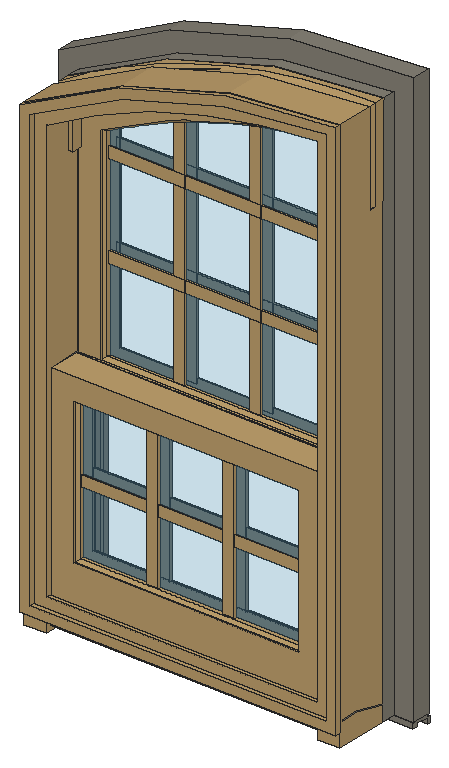
Revit family "Window-Single_Hung-Marvin-Next_Generation_Round_Top_RT22-Clad_Ultimate new new", category Windows, host Wall, Revit 2013
Parameters (values of type "Not A Type - Load Type Catalog")
  Warranty = "www.marvin.com/support/warranty?menu=marvin"
  Wall Width [instance] = 0' - 6"
  URL = "www.marvin.com/"
  Subsill Void Width [instance] = if(Subsill C, Inset + 0' 1 3/16", 0' 0 1/32")  # 0' - 1 3/16"
  Subsill Void Height [instance] = if(Subsill C, 0' 0 73/128", 0' 0 1/32")  # 0' - 0 73/128"
  Subsill C [instance] = if(and(Casing Visibility, Subsill), 1 = 1, if(and(Casing Visibility, not(Subsill)), 1 = 0, 1 = 0))  # yes
  Subsill = yes
  Rough Width = Width + 0' 1"  # 1' - 10 1/4"
  Rough Height = Height + 0' 0 1/2"  # 3' - 2 7/64"
  Radius = 3' - 4"
  RO Radius Constraint = if(Radius > (Rough Width) + 0' 1", Radius, (Rough Width) + 0' 1")  # 3' - 4"
  RO Radius = RO Radius Constraint - 0' 0 1/2"  # 3' - 3 1/2"
  Product Page URL = "www.marvin.com/marvin/windows/single-hung"
  Product Name = "Single Hung RT22"  # constant formula
  Product Documentation Link = "www.marvin.com/download?Pub_ID=3148"
  Operation Symbol = yes
  Operation = "Single Hung"  # constant formula
  Nailer C2 [instance] = if(and(Nailer, Casing Visibility, Flat Casing), 1 = 0, if(not(Nailer), 1 = 0, if(Subsill C, 1 = 0, 1 = 1)))  # no
  Nailer C [instance] = if(and(Nailer, Casing Visibility, Flat Casing), 1 = 0, if(not(Nailer), 1 = 0, 1 = 1))  # yes
  Nailer = yes
  Muntin Width = Width - 0' 5 57/64"  # 1' - 3 23/64"
  Muntin Visibility = yes
  Muntin Height Top = Height / 2 + 0' 0 21/128"  # 1' - 6 31/32"
  Muntin Height Bottom = Height / 2 - 0' 9 23/64"  # 0' - 9 57/128"
  Model = "Please Load Type Catalog"
  Material = ""
  Manufacturer Phone Number = "(800)472-8895"  # constant formula
  Manufacturer Email = "MDS@marvin.com"  # constant formula
  Manufacturer Address = "401 State Avenue North, Warroad, Minnesota 56763"  # constant formula
  Manufacturer = "Marvin Windows and Doors"  # constant formula
  Lites Wide Upper = 3
  Lites Wide Lower = 3
  Lites High Upper = 3
  Lites High Lower = 2
  Label Visibility [instance] = no
  Jamb Extension [instance] = yes
  Int Finish = Wood-Marvin-Pine
  Installation URL = "www.marvin.com/marvin/windows/single-hung?view=pro-resources&option=installation-instructions"
  Inset [instance] = 0' - 0"
  Height = 3' - 1 39/64"
  Glazing Radius = Radius - 0' 2 89/256"  # 3' - 1 167/256"
  Glazing Material = Glass-Marvin-IG Low E II with Argon
  Glass Type = "IG Low E II with ARgon"  # constant formula
  Frame Type = "Aluminum Clad"  # constant formula
  Flat Casing [instance] = no
  Ext Finish = Aluminum-Marvin-Bronze
  Egress Note = if(and(or(Height > 0' 10 5/8", Height = 0' 10 5/8"), or(Width > 1' 5 21/32", Width = 1' 5 21/32")), "Yes", "No")  # "Yes"
  Design Pressure = "DP50"  # constant formula
  Description = if(Subsill, "Single Hung RT22 Marvin Next Generation Round Top Window Subsill Included", "Single Hung RT22 Marvin Next Generation Round Top Window Subsill Not Included")  # "Single Hung RT22 Marvin Next Generation Round Top Window Subsill Included"
  Default Sill Height = 3' - 0"
  Wall Closure = By host
  Width = 1' - 9 1/4"
  DLO Width = 4' - 4 47/64"
  DLO Height = 3' - 2 3/4"
  D Length = sqrt((Radius ^ 2) - ((Width / 2) ^ 2))  # 3' - 2.56306"
  Casing Width [instance] = if(and(Casing Visibility, BMC), 0' 1 5/16", if(and(Casing Visibility, Flat Casing), 0' 3", 0' 0"))  # 0' - 1 5/16"
  Casing Visibility [instance] = yes
  Casing Radius [instance] = if(C Flat Casing Visibility, Radius + Casing Width, if(C BMC Visibility, Radius + Casing Width, Radius))  # 3' - 5 5/16"
  C Jamb Extension Visibility [instance] = if(C Jamb Extension = 0' 0 1/32", 1 = 0, Jamb Extension)  # yes
  C Jamb Extension [instance] = if(Wall Width - Inset - 0' 5 83/128" < 0' 0 1/32", 0' 0 1/32", Wall Width - Inset - 0' 5 83/128")  # 0' - 0 45/128"
  C Flat Casing Visibility [instance] = if(and(Casing Visibility, Flat Casing), 1 = 1, 1 = 0)  # no
  C BMC Visibility [instance] = if(and(Casing Visibility, BMC), 1 = 1, 1 = 0)  # yes
  BMC [instance] = not(Flat Casing)  # yes
  Arc Height = RO Radius Constraint - sqrt((RO Radius Constraint ^ 2) - (Rough Width ^ 2))  # 0' - 6.7594"
Reference planes (in)
  plane 1 "Center (Front/Back)": y = 0
  plane 2: z = 0
  plane 3 "Center (Left/Right)": x = 0
  plane 4 "Left": x = -10.625
  plane 5 "Right": x = 10.625
  plane 6 "Sill": z = 36
  plane 7 "Top": z = 73.60938
  plane 8 "Inset": y = 4.09942
  plane 9 "INT": y = -1.90058
  plane 10 "EXT": y = 4.09942
  plane 11 "Glazing Ext": y = 1.9594
  plane 12 "Glazing Int": y = -0.2646
  plane 13 "Jamb Ext": y = -1.5486
  plane 14: z = 51.125
  plane 15: z = 70.98138
  plane 16: z = 40.21198
  plane 17: z = 50.78146
  plane 18: z = 51.46854
  plane 19: x = -8.00003
  plane 20: x = 8.00003
  plane 21: x = -9.036
  plane 22: x = 9.036
  plane 23: z = 72.03037
  plane 24: z = 37.54439
  plane 25: z = 51.8815
  plane 26: z = 50.24251
  plane 27: y = 2.39937
  plane 28: y = 1.51942
  plane 29: y = 1.64442
  plane 30: y = 2.27437
  plane 31: y = 0.17521
  plane 32: y = -0.70441
  plane 33: y = -0.57941
  plane 34: y = 0.05021
  plane 35: z = 61.22496
  plane 36: z = 45.49672
  plane 37 "Casing": y = 3.00567
  plane 38: y = 4.16192
  plane 39: z = 67.34998
  plane 40: z = 36.90494
  plane 41: y = -2.0486
  plane 42: z = 55.59668
  plane 43: z = 74.10937
Forms (in)
  Extrusion 1, void
    sketch origin (0, 0, 0) x (1, 0, 0) y (0, 0, 1)
      loop
        line (10.625, 36) -> (10.625, 73.62157)
        arc (10.625, 73.62157) -> (-0.43067, 72.06337) -> (-10.625, 67.51018) r 40
        line (-10.625, 67.51018) -> (-10.625, 36) -> (10.625, 36)
    from -4.09942 to -1.9594
  Sweep 2, solid, material "Aluminum-Marvin-Bronze" <- "Ext Finish"
    path origin (0, 1.9594, 0) x (-1, 0, 0) y (0, 0, 1)
      loop
        line (-10.625, 36) -> (-10.625, 67.34998)
    profile "Jamb Clad Profile : Jamb Clad Profile" origin (10.625, 1.9594, 51.67499) x (1, 0, 0) y (0, 1, 0)
      loop
        line (0, 0.106) -> (0, 2.14002) -> (-0.58673, 2.14002) -> (-0.73855, 1.279) -> (-1.795, 1.279) -> (-1.795, 0.931) -> (-1.5, 0.931) -> (-1.5, 0.106) -> (-0.5275, 0.106) -> (-0.5275, -0.4025) -> (-1.4375, -0.4025) -> (-1.4375, -2.105) -> (-0.5275, -2.105) -> (-0.5275, -2.901) -> (-0.465, -2.901) -> (-0.465, 0.106) -> (0, 0.106)
  Sweep 3, solid, material "Aluminum-Marvin-Bronze" <- "Ext Finish"
    path origin (0, -0.2646, 0) x (-1, 0, 0) y (0, 0, 1)
      loop
        line (-10.625, 36) -> (10.625, 36)
    profile "Sill Profile Clad : Sill Profile Clad" origin (0, -0.2646, 36) x (0, 0, 1) y (0, 1, 0)
      loop
        line (1.62995, -1.01795) -> (1.62995, 0.17511) -> (0.80053, 3.50208) -> (0.72866, 3.50208) -> (0.57686, 4.36309) -> (-0.00002, 4.36309) -> (-0.00002, 2.91947) -> (0.82979, 3.12634) -> (1.56745, 0.16743) -> (1.56745, -1.01795) -> (1.62995, -1.01795)
  Sweep 4, solid, material "Aluminum-Marvin-Bronze" <- "Ext Finish"
    path origin (0, 1.9594, 0) x (-1, 0, 0) y (0, 0, 1)
      loop
        line (-10.625, 50.24251) -> (-10.625, 73.60938)
        arc (-10.625, 73.60938) -> (0.42975, 72.05704) -> (10.625, 67.51018) r 40
        line (10.625, 67.51018) -> (10.625, 50.24251)
    profile "Jamb Sash Clad Profile : Jamb Sash Clad Profile" origin (10.625, 1.9594, 61.92594) x (1, 0, 0) y (0, 1, 0)
      loop
        line (-1.589, 0.44) -> (-1.589, 0.821) -> (-3.057, 0.821) -> (-3.057, 0.70236) -> (-3.25619, 0.50317) -> (-3.25619, 0.44) -> (-1.589, 0.44)
  Sweep 5, solid, material "Aluminum-Marvin-Bronze" <- "Ext Finish"
    path origin (0, -0.2646, 0) x (-1, 0, 0) y (0, 0, 1)
      loop
        line (-10.625, 37.54439) -> (-10.625, 51.46854)
    profile "Jamb Sash Clad Profile : Jamb Sash Clad Profile" origin (10.625, -0.2646, 44.50646) x (1, 0, 0) y (0, 1, 0)
      loop
        line (-1.589, 0.44) -> (-1.589, 0.821) -> (-3.057, 0.821) -> (-3.057, 0.70236) -> (-3.25619, 0.50317) -> (-3.25619, 0.44) -> (-1.589, 0.44)
  Sweep 6, solid, material "Wood-Marvin-Pine" <- "Int Finish"
    path origin (0, 1.9594, 0) x (-1, 0, 0) y (0, 0, 1)
      loop
        line (-9.036, 51.125) -> (9.036, 51.125)
    profile "Checkrail Sash Wood Profile : Checkrail Sash Wood Profile" origin (0, 1.9594, 51.125) x (0, 0, 1) y (0, 1, 0)
      loop
        line (0.7565, -1.02201) -> (0.7565, -0.83002) -> (0.97551, -0.6366) -> (0.97551, -0.43999) -> (0.21851, -0.43999) -> (0.21851, 0.4405) -> (-0.83249, 0.4405) -> (-0.83249, -1.02201) -> (0.7565, -1.02201)
      loop
        line (-0.74255, -3.148) -> (0.7565, -3.148) -> (0.7565, -1.10852) -> (0.694, -1.10852) -> (0.694, -1.7843) -> (-0.20454, -1.7843) -> (-0.20454, -2.66392) -> (-0.96154, -2.66392) -> (-0.96154, -2.86055) -> (-0.74255, -3.05397) -> (-0.74255, -3.148)
  Sweep 7, solid, material "Aluminum-Marvin-Bronze" <- "Ext Finish"
    path origin (0, 1.9594, 0) x (-1, 0, 0) y (0, 0, 1)
      loop
        line (-9.036, 51.125) -> (9.036, 51.125)
    profile "Checkrail Sash Clad Profile : Checkrail Sash Clad Profile" origin (0, 1.9594, 51.125) x (0, 0, 1) y (0, 1, 0)
      loop
        line (0.97435, 0.50323) -> (0.77522, 0.70235) -> (0.77522, 0.821) -> (-0.88249, 0.821) -> (-0.88249, -1.309) -> (-0.49349, -1.309) -> (-0.49349, -1.259) -> (-0.83249, -1.259) -> (-0.83249, 0.4405) -> (0.97435, 0.4405) -> (0.97435, 0.50323)
      loop
        line (-0.96187, -1.72163) -> (-0.96187, -1.7843) -> (0.69367, -1.7843) -> (0.69367, -1.10998) -> (-0.62586, -1.10998) -> (-0.62586, -1.15997) -> (-0.34683, -1.15997) -> (-0.34683, -1.40297) -> (-0.76183, -1.40297) -> (-0.76183, -1.52161) -> (-0.96187, -1.72163)
  Sweep 8, solid, material "Wood-Marvin-Pine" <- "Int Finish", visible <- "C Jamb Extension Visibility"
    path origin (0, -1.5486, 0) x (-1, 0, 0) y (0, 0, 1)
      loop
        line (-10.625, 36.90494) -> (10.625, 36.90494) -> (10.625, 67.51018)
        arc (10.625, 67.51018) -> (0.42975, 72.05704) -> (-10.625, 73.60938) r 40
        line (-10.625, 73.60938) -> (-10.625, 36.90494)
    profile origin (10.625, -1.5486, 55.25716) x (1, 0, 0) y (0, 1, 0)
      loop
        line (0, 0) -> (-0.625, 0) -> (-0.625, -0.35156) -> (0, -0.35156) -> (0, 0)
  Extrusion 9, void
    sketch origin (0, -1.5486, 0) x (-1, 0, 0) y (0, 0, 1)
      loop
        line (-11.9375, 36) -> (11.9375, 36) -> (11.9375, 68.2374)
        arc (11.9375, 68.2374) -> (0.51328, 73.41291) -> (-11.9375, 74.92188) r 41.3125
        line (-11.9375, 74.92188) -> (-11.9375, 36)
    from 4.55427 to 5.71052
  Sweep 10, solid, material "Aluminum-Marvin-Bronze" <- "Ext Finish", visible <- "Subsill C"
    path origin (0, 4.09942, 0) x (-1, 0, 0) y (0, 0, 1)
      loop
        line (-11.9375, 36) -> (11.9375, 36)
    profile "Clad Subsill Profile : Clad Subsill Profile" origin (0, 4.09942, 36) x (0, 0, 1) y (0, 1, 0)
      loop
        line (-0.17936, 0.2553) -> (-0.5702, 0.2553) -> (-0.5702, 0.09909) -> (-0.23247, 0.09909) -> (-0.10077, -0.83801) -> (-0.32566, -0.83801) -> (-0.32566, -1.12389) -> (0, -1.12389) -> (0, 0) -> (-0.14348, 0) -> (-0.17936, 0.2553)
  Extrusion 11, void
    sketch origin (0, 0, 0) x (0, 1, 0) y (0, 0, 1)
      loop
        line (4.16192, 35.42969) -> (4.16192, 36) -> (2.97442, 36) -> (2.97442, 35.42969) -> (4.16192, 35.42969)
    from -11.9375 to 11.9375
  Extrusion 12, solid, material "Glass-Marvin-IG Low E II with Argon" <- "Glazing Material"
    sketch origin (0, 4.09942, 0) x (-1, 0, 0) y (0, 0, 1)
      loop
        line (-8.00003, 51.46854) -> (8.00003, 51.46854) -> (8.00003, 66.14384)
        arc (8.00003, 66.14384) -> (0.27184, 69.4617) -> (-8.00003, 70.98138) r 37.65234
        line (-8.00003, 70.98138) -> (-8.00003, 51.46854)
    from -2.58 to -2.455
  Extrusion 13, solid, material "Glass-Marvin-IG Low E II with Argon" <- "Glazing Material"
    sketch origin (0, 4.09942, 0) x (-1, 0, 0) y (0, 0, 1)
      loop
        line (-8.00003, 51.46854) -> (8.00003, 51.46854) -> (8.00003, 66.14384)
        arc (8.00003, 66.14384) -> (0.27184, 69.4617) -> (-8.00003, 70.98138) r 37.65234
        line (-8.00003, 70.98138) -> (-8.00003, 51.46854)
    from -1.82505 to -1.70005
  Extrusion 14, solid, material "Glass-Marvin-IG Low E II with Argon" <- "Glazing Material"
    sketch origin (0, 0, 0) x (0, 1, 0) y (0, 0, 1)
      loop
        line (0.17571, 50.78146) -> (0.05021, 50.78146) -> (0.05021, 40.21198) -> (0.17571, 40.21198) -> (0.17571, 50.78146)
      loop
        line (-0.57941, 50.78146) -> (-0.70441, 50.78146) -> (-0.70441, 40.21198) -> (-0.57941, 40.21198) -> (-0.57941, 50.78146)
    from -8.00003 to 8.00003
  Sweep 15, solid, material "Wood-Marvin-Pine" <- "Int Finish"
    path origin (0, -0.2646, 0) x (-1, 0, 0) y (0, 0, 1)
      loop
        line (-10.625, 36) -> (10.625, 36)
    profile "Sill Profile Wood : Sill Profile Wood" origin (0, -0.2646, 36) x (0, 0, 1) y (0, 1, 0)
      loop
        line (0.90494, -1.01795) -> (0.90494, -1.28394) -> (2.22994, -1.28394) -> (2.22994, -1.01794) -> (1.56745, -1.01794) -> (1.56745, 0.16743) -> (0.82979, 3.12634) -> (-0.00002, 2.91947) -> (-0.00002, 0.60918) -> (0.40562, -1.01795) -> (0.90494, -1.01795)
  Sweep 16, solid, material "Aluminum-Marvin-Bronze" <- "Ext Finish"
    path origin (0, 1.9594, 0) x (1, 0, 0) y (0, 0, 1)
      loop
        line (-10.625, 36) -> (-10.625, 67.34998)
    profile "Jamb Clad Profile : Jamb Clad Profile" origin (-10.625, 1.9594, 51.67499) x (1, 0, 0) y (0, 1, 0)
      loop
        line (0, 0.106) -> (0.465, 0.106) -> (0.465, -2.901) -> (0.5275, -2.901) -> (0.5275, -2.105) -> (1.4375, -2.105) -> (1.4375, -0.4025) -> (0.5275, -0.4025) -> (0.5275, 0.106) -> (1.5, 0.106) -> (1.5, 0.931) -> (1.795, 0.931) -> (1.795, 1.279) -> (0.73855, 1.279) -> (0.58673, 2.14002) -> (0, 2.14002) -> (0, 0.106)
  Sweep 17, solid, material "Wood-Marvin-Pine" <- "Int Finish"
    path origin (0, 1.9594, 0) x (1, 0, 0) y (0, 0, 1)
      loop
        line (-10.625, 36) -> (-10.625, 67.34998)
    profile "Jamb Wood Profile : Jamb Wood Profile" origin (-10.625, 1.9594, 51.67499) x (1, 0, 0) y (0, 1, 0)
      loop
        line (0, -3.508) -> (1.49505, -3.508) -> (1.49505, -2.901) -> (0.465, -2.901) -> (0.465, 0.106) -> (0, 0.106) -> (0, -3.508)
  Sweep 18, solid, material "Wood-Marvin-Pine" <- "Int Finish"
    path origin (0, 1.9594, 0) x (-1, 0, 0) y (0, 0, 1)
      loop
        line (-10.625, 36) -> (-10.625, 67.34998)
    profile "Jamb Wood Profile : Jamb Wood Profile" origin (10.625, 1.9594, 51.67499) x (1, 0, 0) y (0, 1, 0)
      loop
        line (0, -3.508) -> (0, 0.106) -> (-0.465, 0.106) -> (-0.465, -2.901) -> (-1.49505, -2.901) -> (-1.49505, -3.508) -> (0, -3.508)
  Sweep 19, solid, material "Aluminum-Marvin-Bronze" <- "Ext Finish"
    path origin (0, 1.9594, 0) x (-1, 0, 0) y (0, 0, 1)
      loop
        line (10.625, 64.34998) -> (10.625, 67.51018)
        arc (10.625, 67.51018) -> (0.42975, 72.05704) -> (-10.625, 73.60938) r 40
        line (-10.625, 73.60938) -> (-10.625, 64.34998)
    profile "Header Clad Profile : Header Clad Profile" origin (10.625, 1.9594, 68.97968) x (-1, 0, 0) y (0, 1, 0)
      loop
        line (0.57678, 2.13999) -> (0, 2.13999) -> (0, 0.21199) -> (0.065, 0.21199) -> (0.065, 0.83199) -> (1.483, 0.83199) -> (1.483, 0.93099) -> (1.785, 0.93099) -> (1.785, 1.27899) -> (0.7286, 1.27899) -> (0.57678, 2.13999)
  Sweep 20, solid, material "Wood-Marvin-Pine" <- "Int Finish"
    path origin (0, 1.9594, 0) x (-1, 0, 0) y (0, 0, 1)
      loop
        line (-10.625, 64.34998) -> (-10.625, 73.60938)
        arc (-10.625, 73.60938) -> (0.42975, 72.05704) -> (10.625, 67.51018) r 40
        line (10.625, 67.51018) -> (10.625, 64.34998)
    profile "Header Wood Profile : Header Wood Profile" origin (10.625, 1.9594, 68.97968) x (1, 0, 0) y (0, 1, 0)
      loop
        line (-1.4835, -1.68801) -> (-1.4835, -3.50801) -> (0, -3.50801) -> (0, -1.00544) -> (-0.1575, -0.94811) -> (0, -0.51539) -> (0, 0.21199) -> (-0.065, 0.21199) -> (-0.065, 0.83199) -> (-0.6277, 0.83199) -> (-0.6277, 0.21199) -> (-0.8157, 0.21199) -> (-0.8157, 0.83199) -> (-1.4837, 0.83199) -> (-1.4837, -1.00201) -> (-1.7846, -1.00201) -> (-1.7846, -1.68801) -> (-1.4835, -1.68801)
  Sweep 21, solid, material "Aluminum-Marvin-Bronze" <- "Ext Finish"
    path origin (0, -0.2646, 0) x (1, 0, 0) y (0, 0, 1)
      loop
        line (-10.625, 37.54439) -> (-10.625, 51.46854)
    profile "Jamb Sash Clad Profile : Jamb Sash Clad Profile" origin (-10.625, -0.2646, 44.50646) x (1, 0, 0) y (0, 1, 0)
      loop
        line (1.589, 0.44) -> (3.25619, 0.44) -> (3.25619, 0.50317) -> (3.057, 0.70236) -> (3.057, 0.821) -> (1.589, 0.821) -> (1.589, 0.44)
  Sweep 22, solid, material "Wood-Marvin-Pine" <- "Int Finish"
    path origin (0, -0.2646, 0) x (-1, 0, 0) y (0, 0, 1)
      loop
        line (-10.625, 37.54439) -> (-10.625, 51.8815)
    profile "Jamb Sash Wood Profile : Jamb Sash Wood Profile" origin (10.625, -0.2646, 44.71294) x (1, 0, 0) y (0, 1, 0)
      loop
        line (-3.038, -0.924) -> (-1.589, -0.924) -> (-1.589, 0.44) -> (-2.5, 0.44) -> (-2.5, -0.44) -> (-3.257, -0.44) -> (-3.257, -0.63659) -> (-3.038, -0.83) -> (-3.038, -0.924)
  Sweep 23, solid, material "Wood-Marvin-Pine" <- "Int Finish"
    path origin (0, -0.2646, 0) x (1, 0, 0) y (0, 0, 1)
      loop
        line (-10.625, 37.54439) -> (-10.625, 51.8815)
    profile "Jamb Sash Wood Profile : Jamb Sash Wood Profile" origin (-10.625, -0.2646, 44.71294) x (1, 0, 0) y (0, 1, 0)
      loop
        line (3.038, -0.924) -> (3.038, -0.83) -> (3.257, -0.63659) -> (3.257, -0.44) -> (2.5, -0.44) -> (2.5, 0.44) -> (1.589, 0.44) -> (1.589, -0.924) -> (3.038, -0.924)
  Sweep 24, solid, material "Aluminum-Marvin-Bronze" <- "Ext Finish"
    path origin (0, -0.2646, 0) x (-1, 0, 0) y (0, 0, 1)
      loop
        line (-9.036, 36) -> (9.036, 36)
    profile "Sill Sash Clad Profile : Sill Sash Clad Profile" origin (0, -0.2646, 36) x (0, 0, 1) y (0, 1, 0)
      loop
        line (1.91995, 0.43963) -> (4.84396, 0.43963) -> (4.84396, 0.50237) -> (4.64399, 0.70235) -> (4.64399, 0.82107) -> (1.54439, 0.82107) -> (1.6142, 0.54105) -> (1.91995, 0.54105) -> (1.91995, 0.43963)
  Sweep 25, solid, material "Wood-Marvin-Pine" <- "Int Finish"
    path origin (0, -0.2646, 0) x (-1, 0, 0) y (0, 0, 1)
      loop
        line (-9.036, 36) -> (9.036, 36)
    profile "Sill Sash Wood Profile : Sill Sash Wood Profile" origin (0, -0.2646, 36) x (0, 0, 1) y (0, 1, 0)
      loop
        line (4.84396, -0.6366) -> (4.84396, -0.43999) -> (4.08698, -0.43999) -> (4.08698, 0.43963) -> (1.91995, 0.43963) -> (1.91995, -0.924) -> (4.62495, -0.924) -> (4.62495, -0.83) -> (4.84396, -0.6366)
  Sweep 26, solid, material "Wood-Marvin-Pine" <- "Int Finish"
    path origin (0, 1.9594, 0) x (-1, 0, 0) y (0, 0, 1)
      loop
        line (-10.625, 50.24251) -> (-10.625, 73.60938)
        arc (-10.625, 73.60938) -> (0.41963, 72.05435) -> (10.60553, 67.51018) r 40
        line (10.60553, 67.51018) -> (10.60553, 50.24251)
    profile "Jamb Sash Wood Profile : Jamb Sash Wood Profile" origin (10.625, 1.9594, 61.92594) x (1, 0, 0) y (0, 1, 0)
      loop
        line (-3.038, -0.924) -> (-1.589, -0.924) -> (-1.589, 0.44) -> (-2.5, 0.44) -> (-2.5, -0.44) -> (-3.257, -0.44) -> (-3.257, -0.63659) -> (-3.038, -0.83) -> (-3.038, -0.924)
  Extrusion 27, void
    sketch origin (0, 0, 0) x (1, 0, 0) y (0, 0, 1)
      loop
        line (-10.625, 36.90494) -> (10.625, 36.90494) -> (10.625, 73.60938)
        arc (10.625, 73.60938) -> (-0.43067, 72.05118) -> (-10.625, 67.49798) r 40
        line (-10.625, 67.49798) -> (-10.625, 36.90494)
    from -1.9594 to 2.0486
  Sweep 28, solid, material "Wood-Marvin-Pine" <- "Int Finish"
    path origin (0, -0.2646, 0) x (-1, 0, 0) y (0, 0, 1)
      loop
        line (9.036, 67.34998) -> (9.036, 51.8815)
    profile origin (-9.036, -0.2646, 59.61574) x (0, 1, 0) y (-1, 0, 0)
      loop
        line (-1.284, 0.22113) -> (-1.284, 0.09395) -> (1.3, 0.09395) -> (1.3, 0.22113) -> (-1.284, 0.22113)
      loop
        line (-1.284, -18.16595) -> (-1.284, -18.29313) -> (1.3, -18.29313) -> (1.3, -18.16595) -> (-1.284, -18.16595)
Cuts and joins
  joined: Sweep 15, Sweep 17, Sweep 18, Sweep 20, Sweep 28
  joined: Sweep 6, Sweep 22, Sweep 23, Sweep 25, Sweep 26
  joined: Sweep 4, Sweep 5, Sweep 7, Sweep 21, Sweep 24
  joined: Sweep 2, Sweep 3, Sweep 16, Sweep 19
Lines and regions (in)
  Masking region 1
    outline origin (0, 0, 36) x (0, -1, 0) y (1, 0, 0)
      loop
        line (-2.39937, -8.00003) -> (-1.51942, -8.00003) -> (-1.51942, 8.00003) -> (-2.39937, 8.00003) -> (-2.39937, -8.00003)
      loop
        line (-0.17521, -8.00003) -> (0.70441, -8.00003) -> (0.70441, 8.00003) -> (-0.17521, 8.00003) -> (-0.17521, -8.00003)
  Masking region 2, visible <- "C Jamb Extension Visibility"
    outline origin (0, 0, 36) x (0, -1, 0) y (1, 0, 0)
      loop
        line (1.5486, -10.625) -> (1.90017, -10.625) -> (1.90017, -10) -> (1.5486, -10) -> (1.5486, -10.625)
      loop
        line (1.5486, 10) -> (1.90017, 10) -> (1.90017, 10.625) -> (1.5486, 10.625) -> (1.5486, 10)
  Masking region 3, visible <- "C Jamb Extension Visibility"
    outline origin (0, 0, 0) x (0, 1, 0) y (0, 0, 1)
      loop
        line (-1.5486, 73.60938) -> (-1.90017, 73.60938) -> (-1.90017, 72.98438) -> (-1.5486, 72.98438) -> (-1.5486, 73.60938)
      loop
        line (-1.5486, 36.90494) -> (-1.5486, 37.52994) -> (-1.90017, 37.52994) -> (-1.90017, 36.90494) -> (-1.5486, 36.90494)
  Masking region 4
    outline origin (0, 0, 0) x (0, 1, 0) y (0, 0, 1)
      loop
        line (2.39937, 70.98138) -> (1.51942, 70.98138) -> (1.51942, 51.46854) -> (2.39937, 51.46854) -> (2.39937, 70.98138)
      loop
        line (0.17571, 50.78146) -> (-0.70441, 50.78146) -> (-0.70441, 40.21198) -> (0.17571, 40.21198) -> (0.17571, 50.78146)
  symbolic lines, style "WindowsGlassProjection", detail levels fine
    curve 1: line (-8.00003, 2.27437, 36) -> (8.00003, 2.27437, 36)
    curve 2: line (8.00003, 2.27437, 36) -> (8.00003, 1.64442, 36)
    curve 3: line (8.00003, 1.64442, 36) -> (-8.00003, 1.64442, 36)
    curve 4: line (-8.00003, 0.05021, 36) -> (8.00003, 0.05021, 36)
    curve 5: line (8.00003, 0.05021, 36) -> (8.00003, -0.57941, 36)
    curve 6: line (8.00003, -0.57941, 36) -> (-8.00003, -0.57941, 36)
    curve 7: line (0, 2.27437, 70.98138) -> (0, 2.27437, 51.46854)
    curve 8: line (0, 0.05021, 50.78146) -> (0, 0.05021, 40.21198)
    curve 9: line (0, 1.64442, 70.98138) -> (0, 1.64442, 51.46854)
    curve 10: line (0, -0.57941, 50.78146) -> (0, -0.57941, 40.21198)
Text (in)
  text "EXTERIOR" at (-58.6888, 50.90694, 0), in view "Ref. Level"
  text "INTERIOR" at (-58.6888, -37.76638, 0), in view "Ref. Level"
  text "Exterior" at (0, 43.65631, 123.19604), in view "Left"
  text "Exterior" at (0, 18.29385, 125.04747), in view "Right"
Dimensions and locks (in)
  equal spacing: plane 4 "Left", plane 3 "Center (Left/Right)", plane 5 "Right"
  "Width": plane 4 "Left" to plane 5 "Right"
  "Height": plane 6 "Sill" to plane 7 "Top"
  "Default Sill Height": plane 2 to plane 6 "Sill"
  "Wall Width": host wall to host wall
  locked: host wall to plane 9 "INT" at 0
  locked: plane 10 "EXT" to host wall at 0
  plane 8 "Inset" to plane 11 "Glazing Ext" to plane 12 "Glazing Int" to plane 13 "Jamb Ext" = 0' - 2.14002" locked, 0' - 2.224" locked, 0' - 1.284" locked
  plane 6 "Sill" to plane 24 to plane 16 = 0' - 1.54439" locked, 0' - 2.66759" locked
  plane 15 to plane 23 to plane 7 "Top" = 0' - 1.049" locked, 0' - 1.579" locked
  plane 26 to plane 17 to plane 14 to plane 18 to plane 25 = 0' - 0.53895" locked, 0' - 0.34354" locked, 0' - 0.34354" locked, 0' - 0.41296" locked
  plane 4 "Left" to plane 21 to plane 19 = 0' - 1.589" locked, 0' - 1.03597" locked
  plane 20 to plane 22 to plane 5 "Right" = 0' - 1.03597" locked, 0' - 1.589" locked
  "C Jamb Extension": plane 13 "Jamb Ext" to Sweep 8 sketch curve
  equal spacing: plane 15, plane 35, plane 18
  equal spacing: plane 17, plane 36, plane 16
  "Casing Width": Extrusion 9 sketch curve to plane 4 "Left"
  "Casing Width": plane 5 "Right" to Extrusion 9 sketch curve
  locked: plane 8 "Inset" to plane 37 "Casing" at 1.09375
  locked: plane 38 to host wall at 0.0625
  "Casing Width": plane 5 "Right" to Sweep 10 sketch curve
  "Casing Width": Sweep 10 sketch curve to plane 4 "Left"
  "Subsill Void Height": Extrusion 11 sketch curve to plane 6 "Sill"
  "Subsill Void Width": plane 38 to Extrusion 11 sketch curve
  "Casing Width": Extrusion 11 to plane 4 "Left"
  "Casing Width": plane 5 "Right" to Extrusion 11
  locked: plane 4 "Left" to Masking region 2 sketch curve at 0.625
  locked: Masking region 2 sketch curve to plane 5 "Right" at 0.625
  "C Jamb Extension": plane 13 "Jamb Ext" to Masking region 2 sketch curve  (x2)
  locked: plane 40 to Masking region 3 sketch curve at 0.625
  locked: Masking region 3 sketch curve to plane 7 "Top" at 0.625
  "C Jamb Extension": plane 13 "Jamb Ext" to Masking region 3 sketch curve  (x2)
  "Inset": plane 10 "EXT" to plane 8 "Inset"
  locked: plane 33 to plane 32 at 0.125
  locked: plane 31 to plane 34 at 0.125
  locked: plane 29 to plane 28 at 0.125
  locked: plane 27 to plane 30 at 0.125
  equal spacing: plane 27, plane 11 "Glazing Ext", plane 28, locked at 0.43997 each
  locked: plane 27 to plane 28 at 0.87995
  equal spacing: plane 31, plane 12 "Glazing Int", plane 32
  locked: plane 31 to plane 32 at 0.87962
  locked: plane 6 "Sill" to plane 40 at 0.90494
  locked: plane 9 "INT" to plane 41 at 0.14802
  Sweep 28 sketch curve to Sweep 28 sketch curve to plane 21 = 0' - 0.12717" locked, 0' - 0.09395" locked
  locked: Sweep 28 sketch curve to plane 12 "Glazing Int" at 1.3  (x2)
  plane 22 to Sweep 28 sketch curve to Sweep 28 sketch curve = 0' - 0.09395" locked, 0' - 0.12717" locked
  equal spacing: plane 16, plane 42, plane 15
  locked: plane 25 to plane 42 at 3.71518
  "Arc Height": plane 39 to plane 43
  locked: plane 7 "Top" to plane 43 at 0.5
  locked: plane 39 to Sweep 19 sketch curve at 0.1602
  locked: plane 7 "Top" to Sweep 19 sketch curve
  "Casing Width": plane 7 "Top" to Extrusion 9 sketch curve
  locked: plane 39 to Extrusion 1 sketch curve at 0.1602
  locked: plane 7 "Top" to Sweep 20 sketch curve
  locked: plane 39 to Sweep 20 sketch curve at 0.1602
  locked: plane 7 "Top" to Sweep 8 sketch curve
  locked: plane 39 to Sweep 8 sketch curve at 0.1602
  locked: plane 7 "Top" to Sweep 4 sketch curve
  locked: plane 39 to Sweep 4 sketch curve at 0.1602
  locked: plane 7 "Top" to Extrusion 27 sketch curve
  locked: plane 7 "Top" to Sweep 26 sketch curve
  locked: plane 39 to Sweep 26 sketch curve at 0.1602
  locked: plane 15 to Extrusion 13 sketch curve
  locked: plane 15 to Extrusion 12 sketch curve at 0
  locked: plane 39 to Sweep 20 sketch curve at 3  (x2)
  locked: Sweep 19 sketch curve to plane 39 at 3  (x2)
  "Casing Radius": radius of Extrusion 9 sketch curve
  "Radius": radius of Extrusion 1 sketch curve
  "Radius": radius of Sweep 19 sketch curve
  "Radius": radius of Sweep 20 sketch curve
  "Radius": radius of Sweep 8 sketch curve
  "Radius": radius of Sweep 4 sketch curve
  "Radius": radius of Extrusion 27 sketch curve
  "Radius": radius of Sweep 26 sketch curve
  "Glazing Radius": radius of Extrusion 13 sketch curve
  "Glazing Radius": radius of Extrusion 12 sketch curve
  aligned and locked: level to plane 2
  aligned and locked: nested 1 to plane 4 "Left"
  aligned and locked: plane 11 "Glazing Ext" to nested 1
  aligned and locked: nested 2 to plane 5 "Right"
  aligned and locked: nested 2 to plane 11 "Glazing Ext"
  aligned and locked: plane 11 "Glazing Ext" to nested 3
  aligned and locked: nested 3 to plane 7 "Top"
  aligned and locked: nested 4 to plane 6 "Sill"
  aligned and locked: plane 12 "Glazing Int" to nested 4
  aligned and locked: nested 5 to plane 14
  aligned and locked: plane 11 "Glazing Ext" to nested 5
  aligned and locked: plane 10 "EXT" to Extrusion 1
  aligned and locked: plane 5 "Right" to Sweep 2 sketch curve
  aligned and locked: plane 6 "Sill" to Sweep 2 sketch curve
  aligned and locked: plane 6 "Sill" to Sweep 3 sketch curve
  aligned and locked: plane 4 "Left" to Sweep 3 sketch curve
  aligned and locked: plane 5 "Right" to Sweep 3 sketch curve
  aligned and locked: plane 22 to Sweep 6 sketch curve
  aligned and locked: plane 21 to Sweep 6 sketch curve
  aligned and locked: plane 21 to Sweep 7 sketch curve
  aligned and locked: plane 22 to Sweep 7 sketch curve
  aligned and locked: Sweep 8 sketch curve to plane 4 "Left"
  aligned and locked: plane 5 "Right" to Sweep 8 sketch curve
  aligned and locked: Sweep 8 sketch curve to plane 13 "Jamb Ext"
  aligned and locked: Extrusion 9 sketch curve to plane 6 "Sill"
  aligned and locked: plane 8 "Inset" to nested 6
  aligned and locked: plane 4 "Left" to nested 7
  aligned and locked: nested 7 to plane 8 "Inset"
  aligned and locked: plane 5 "Right" to nested 6
  aligned and locked: plane 7 "Top" to nested 8
  aligned and locked: plane 8 "Inset" to nested 8
  aligned and locked: plane 8 "Inset" to nested 9
  aligned and locked: plane 5 "Right" to nested 9
  aligned and locked: plane 4 "Left" to nested 10
  aligned and locked: nested 10 to plane 8 "Inset"
  aligned and locked: plane 7 "Top" to nested 11
  aligned and locked: plane 8 "Inset" to nested 11
  aligned and locked: plane 38 to Extrusion 9
  aligned and locked: Extrusion 9 to plane 37 "Casing"
  aligned and locked: nested 12 to plane 6 "Sill"
  aligned and locked: plane 8 "Inset" to nested 12
  aligned and locked: plane 6 "Sill" to Sweep 10 sketch curve
  aligned and locked: Extrusion 11 sketch curve to plane 6 "Sill"
  aligned and locked: plane 38 to Extrusion 11 sketch curve
  aligned and locked: plane 19 to curve 1
  aligned and locked: plane 19 to curve 4
  aligned and locked: plane 19 to curve 6
  aligned and locked: plane 30 to curve 1
  aligned and locked: plane 20 to curve 2
  aligned and locked: plane 20 to curve 3
  aligned and locked: plane 20 to curve 5
  aligned and locked: plane 20 to curve 6
  aligned and locked: Masking region 2 sketch curve to plane 4 "Left"
  aligned and locked: plane 5 "Right" to Masking region 2 sketch curve
  aligned and locked: Masking region 2 sketch curve to plane 13 "Jamb Ext"  (x2)
  aligned and locked: nested 3 to Masking region 3 sketch curve
  aligned and locked: plane 15 to curve 7
  aligned and locked: plane 15 to curve 9
  aligned and locked: plane 18 to curve 9
  aligned and locked: plane 18 to curve 7
  aligned and locked: plane 17 to curve 10
  aligned and locked: plane 17 to curve 8
  aligned and locked: plane 29 to curve 9
  aligned and locked: curve 7 to plane 30
  aligned and locked: curve 8 to plane 34
  aligned and locked: plane 33 to curve 10
  aligned and locked: plane 16 to curve 10
  aligned and locked: plane 16 to curve 8
  aligned and locked: plane 13 "Jamb Ext" to Masking region 3 sketch curve
  aligned and locked: Masking region 3 sketch curve to plane 13 "Jamb Ext"
  aligned and locked: nested 14 to plane 36
  aligned and locked: nested 14 to plane 3 "Center (Left/Right)"
  aligned and locked: plane 3 "Center (Left/Right)" to nested 15
  aligned and locked: nested 15 to plane 36
  aligned and locked: Extrusion 12 to plane 28
  aligned and locked: plane 29 to Extrusion 12
  aligned and locked: plane 30 to Extrusion 13
  aligned and locked: plane 27 to Extrusion 13
  aligned and locked: Extrusion 14 sketch curve to Masking region 4  (x4)
  aligned and locked: plane 16 to Extrusion 14 sketch curve
  aligned and locked: Extrusion 14 sketch curve to curve 8
  aligned and locked: Extrusion 14 sketch curve to plane 17
  aligned and locked: Extrusion 14 sketch curve to curve 10
  aligned and locked: plane 20 to Extrusion 14
  aligned and locked: plane 19 to Extrusion 14
  aligned and locked: nested 15 to Extrusion 14
  aligned and locked: Extrusion 14 to nested 16
  aligned and locked: Masking region 1 sketch curve to plane 31
  aligned and locked: plane 32 to Masking region 1 sketch curve
  aligned and locked: plane 6 "Sill" to Sweep 15 sketch curve
  aligned and locked: plane 4 "Left" to Sweep 15 sketch curve
  aligned and locked: plane 5 "Right" to Sweep 15 sketch curve
  aligned and locked: plane 39 to Sweep 2 sketch curve
  aligned and locked: plane 4 "Left" to Sweep 16 sketch curve
  aligned and locked: plane 39 to Sweep 16 sketch curve
  aligned and locked: plane 6 "Sill" to Sweep 16 sketch curve
  aligned and locked: plane 39 to Sweep 17 sketch curve
  aligned and locked: plane 4 "Left" to Sweep 17 sketch curve
  aligned and locked: plane 6 "Sill" to Sweep 17 sketch curve
  aligned and locked: Sweep 18 sketch curve to plane 5 "Right"
  aligned and locked: plane 39 to Sweep 18 sketch curve
  aligned and locked: plane 6 "Sill" to Sweep 18 sketch curve
  aligned and locked: plane 14 to Sweep 7 sketch curve
  aligned and locked: plane 14 to Sweep 6 sketch curve
  aligned and locked: plane 5 "Right" to Sweep 5 sketch curve
  aligned and locked: plane 24 to Sweep 5 sketch curve
  aligned and locked: plane 4 "Left" to Sweep 21 sketch curve
  aligned and locked: plane 24 to Sweep 21 sketch curve
  aligned and locked: plane 25 to Sweep 22 sketch curve
  aligned and locked: plane 5 "Right" to Sweep 22 sketch curve
  aligned and locked: plane 24 to Sweep 22 sketch curve
  aligned and locked: Sweep 23 sketch curve to plane 4 "Left"
  aligned and locked: plane 24 to Sweep 23 sketch curve
  aligned and locked: plane 25 to Sweep 23 sketch curve
  aligned and locked: plane 6 "Sill" to Sweep 24 sketch curve
  aligned and locked: plane 21 to Sweep 24 sketch curve
  aligned and locked: plane 22 to Sweep 24 sketch curve
  aligned and locked: plane 6 "Sill" to Sweep 25 sketch curve
  aligned and locked: plane 21 to Sweep 25 sketch curve
  aligned and locked: plane 22 to Sweep 25 sketch curve
  aligned and locked: plane 18 to Sweep 21 sketch curve
  aligned and locked: plane 18 to Sweep 5 sketch curve
  aligned and locked: Sweep 8 sketch curve to plane 40
  aligned and locked: Extrusion 27 to nested 1
  aligned and locked: Extrusion 27 to plane 41
  aligned and locked: plane 25 to Sweep 28 sketch curve
  aligned and locked: plane 39 to Sweep 28 sketch curve
  aligned and locked: plane 21 to Sweep 28 sketch curve
  aligned and locked: Sweep 28 sketch curve to plane 13 "Jamb Ext"  (x2)
  aligned and locked: plane 36 to nested 16
  aligned and locked: nested 16 to plane 3 "Center (Left/Right)"
  aligned and locked: plane 26 to Sweep 4 sketch curve  (x2)
  aligned and locked: plane 26 to Sweep 26 sketch curve  (x2)
  aligned and locked: plane 6 "Sill" to Extrusion 1 sketch curve
  aligned and locked: plane 18 to Extrusion 12 sketch curve
  aligned and locked: plane 18 to Extrusion 13 sketch curve
  aligned and locked: Extrusion 1 to plane 11 "Glazing Ext"
  aligned and locked: plane 40 to Masking region 3 sketch curve
  aligned and locked: Sweep 19 sketch curve to plane 5 "Right"
  aligned and locked: nested 17 to plane 6 "Sill"
  aligned and locked: plane 5 "Right" to Extrusion 9 sketch curve
  aligned and locked: plane 5 "Right" to Extrusion 1 sketch curve
  aligned and locked: Sweep 19 sketch curve to plane 4 "Left"
  aligned and locked: Sweep 20 sketch curve to plane 4 "Left"
  aligned and locked: plane 5 "Right" to Sweep 20 sketch curve
  aligned and locked: nested 17 to plane 3 "Center (Left/Right)"
  aligned and locked: Sweep 4 sketch curve to plane 4 "Left"
  aligned and locked: plane 5 "Right" to Sweep 4 sketch curve
  aligned and locked: plane 40 to Extrusion 27 sketch curve
  aligned and locked: plane 4 "Left" to Extrusion 27 sketch curve
  aligned and locked: Extrusion 27 sketch curve to plane 5 "Right"
  aligned and locked: plane 5 "Right" to Extrusion 27 sketch curve
  aligned and locked: plane 5 "Right" to Sweep 26 sketch curve
  aligned and locked: plane 5 "Right" to Extrusion 13 sketch curve
  aligned and locked: plane 5 "Right" to Extrusion 12 sketch curve
  aligned and locked: nested 18 to Extrusion 12
  aligned and locked: Extrusion 13 to nested 19
  aligned and locked: plane 35 to nested 19
  aligned and locked: plane 3 "Center (Left/Right)" to nested 19
  aligned and locked: nested 18 to plane 35
  aligned and locked: nested 18 to plane 3 "Center (Left/Right)"
  aligned and locked: plane 19 to Extrusion 13 sketch curve
  aligned and locked: plane 20 to Extrusion 13 sketch curve
  aligned and locked: plane 19 to Extrusion 12 sketch curve
  aligned and locked: plane 20 to Extrusion 12 sketch curve
Automatic sketch dimensions
  curve 2 to plane 29 = 0' - 0"
  plane 34 to curve 5 = 0' - 0"
  curve 6 to plane 33 = 0' - 0"
  curve 3 to plane 19 = 0' - 0"
  Sweep 8 sketch curve to profile plane = 0' - 0"
  profile plane to Sweep 8 sketch curve = 0' - 0 5/8"
  Masking region 1 sketch curve to plane 20 = 0' - 0"  (x2)
  Masking region 1 sketch curve to plane 19 = 0' - 0"  (x2)
  Masking region 1 sketch curve to plane 27 = 0' - 0"
  plane 28 to Masking region 1 sketch curve = 0' - 0"
  plane 17 to Masking region 4 sketch curve = 0' - 0"
  plane 16 to Masking region 4 sketch curve = 0' - 0"
  plane 15 to Masking region 4 sketch curve = 0' - 0"
  plane 18 to Masking region 4 sketch curve = 0' - 0"
  plane 32 to Masking region 4 sketch curve = 0' - 0"
  plane 31 to Masking region 4 sketch curve = 0' - 0.0005"
  plane 28 to Masking region 4 sketch curve = 0' - 0"
  Masking region 4 sketch curve to plane 27 = 0' - 0"
  plane 4 "Left" to Extrusion 1 sketch curve = 0' - 0"
Nested families (in)
  nested 1: "Jamb Detail" at (-10.625, 1.9594, 36) x (1, 0, 0) z (0, 0, -1), type "Jamb Detail"
  nested 2: "Jamb Detail" at (10.625, 1.9594, 36) x (-1, 0, 0) z (0, 0, -1), type "Jamb Detail"
  nested 3: "Header Detail" at (0, 1.9594, 73.60938) x (0, -1, 0) z (1, 0, 0), type "Header Detail"
  nested 4: "Sill Detail" at (0, -0.2646, 36) x (0, -1, 0) z (1, 0, 0), type "Sill Detail"
    with Nailer no
  nested 5: "Checkrail Detail" at (0, 1.9594, 51.125) x (0, -1, 0) z (1, 0, 0), type "Checkrail Detail"
  nested 6: "Wood Ext Trim Detail" at (10.625, 4.09942, 36) x (1, 0, 0) z (0, 0, -1), Clad Flat <- "C Flat Casing Visibility", type "Wood Ext Trim Detail"
    with Wood Flat Notch no, Wood Flat no, Wood BMC Notch no, Wood BMC no, Clad Flat no, Clad BMC no
  nested 7: "Wood Ext Trim Detail" at (-10.625, 4.09942, 36) x (-1, 0, 0) z (0, 0, -1), Clad Flat <- "C Flat Casing Visibility", type "Wood Ext Trim Detail"
    with Wood Flat Notch no, Wood Flat no, Wood BMC Notch no, Wood BMC no, Clad Flat no, Clad BMC no
  nested 8: "Wood Ext Trim Detail" at (0, 4.09942, 73.60938) x (0, 0, 1) z (1, 0, 0), Clad BMC <- "C BMC Visibility", type "Wood Ext Trim Detail"
    with Wood Flat Notch no, Wood Flat no, Wood BMC Notch no, Wood BMC no, Clad Flat no, Clad BMC yes
  nested 9: "Wood Ext Trim Detail" at (10.625, 4.09942, 36) x (1, 0, 0) z (0, 0, -1), Clad BMC <- "C BMC Visibility", type "Wood Ext Trim Detail"
    with Wood Flat Notch no, Wood Flat no, Wood BMC Notch no, Wood BMC no, Clad Flat no, Clad BMC yes
  nested 10: "Wood Ext Trim Detail" at (-10.625, 4.09942, 36) x (-1, 0, 0) z (0, 0, -1), Clad BMC <- "C BMC Visibility", type "Wood Ext Trim Detail"
    with Wood Flat Notch no, Wood Flat no, Wood BMC Notch no, Wood BMC no, Clad Flat no, Clad BMC yes
  nested 11: "Wood Ext Trim Detail" at (0, 4.09942, 73.60938) x (0, 0, 1) z (1, 0, 0), Clad Flat <- "C Flat Casing Visibility", type "Wood Ext Trim Detail"
    with Wood Flat Notch no, Wood Flat no, Wood BMC Notch no, Wood BMC no, Clad Flat no, Clad BMC no
  nested 12: "Clad Subsill Detail" at (0, 4.09942, 36) x (0, -1, 0) z (1, 0, 0), visible <- "Subsill C", type "Clad Subsill Detail"
  nested 13: "Label Annotation 1-16 w4" at (0, 17.17989, 0), visible <- "Label Visibility", type "Label Annotation 1-16 w4"
    with Nominal Width 1' - 9 1/4", Nominal Height 3' - 1 39/64"
  nested 14: "Sliding Arrow" at (0, 4.09942, 45.49672) x (0, 0, 1) z (0, 1, 0), visible <- "Operation Symbol", type "Sliding Arrow"
  nested 15: "Muntins_2" at (0, -0.70441, 4.99281), visible <- "Muntin Visibility", Muntin Material <- "Int Finish", type "Muntins_2"
    with Muntin Material Wood-Marvin-Pine, GlazingWidth 1' - 2 43/64", GlazingHeight 0' - 8 97/128", Width 1' - 3 23/64", LitesVertical 2, HorizMuntVisible no, Height 0' - 9 57/128", Inset Vert 0' - 4.74479", Inset Horiz 0' - 2 99/128", CenterMuntinHorizontal yes
  nested 16: "Muntins_2" at (0, 0.17571, 4.99281), visible <- "Muntin Visibility", Muntin Material <- "Ext Finish", type "Muntins_2"
    with Muntin Material Aluminum-Marvin-Bronze, GlazingWidth 1' - 2 43/64", GlazingHeight 0' - 8 97/128", Width 1' - 3 23/64", LitesVertical 2, HorizMuntVisible no, Height 0' - 9 57/128", Inset Vert 0' - 4.74479", Inset Horiz 0' - 2 99/128", CenterMuntinHorizontal yes
  nested 17: "RT22 Casing" at (0, 4.09942, 54.80469) x (-1, 0, 0) z (0, 1, 0), type "RT22 Casing"
  nested 18: "Muntins RT 22" at (0, 1.39442, 15.95933) x (-1, 0, 0) z (0, 0, 1), visible <- "Muntin Visibility", Muntin Material <- "Int Finish", type "Muntins RT 22"
    with Muntin Material Wood-Marvin-Pine, Radius Offset 3' - 4", RO Radius 3' - 7 3/16", GlazingWidth 1' - 2 43/64", GlazingHeight 1' - 6 9/32", Width 1' - 3 23/64", Height 1' - 6 31/32", Inset Vert 0' - 4.74479", Inset Horiz 0' - 5.94792"
  nested 19: "Muntins RT 22" at (0, 2.52437, 15.95933) x (-1, 0, 0) z (0, 0, 1), visible <- "Muntin Visibility", Muntin Material <- "Ext Finish", type "Muntins RT 22"
    with Muntin Material Aluminum-Marvin-Bronze, Radius Offset 3' - 4", RO Radius 3' - 7 3/16", GlazingWidth 1' - 2 43/64", GlazingHeight 1' - 6 9/32", Width 1' - 3 23/64", Height 1' - 6 31/32", Inset Vert 0' - 4.74479", Inset Horiz 0' - 5.94792"
Definition of nested family "Muntins_2"
  Parameters (values of type "Muntins_2")
    Springline = 0' - 0"
    GlazingWidth = 1' - 5 35/64"
    GlazingHeight = 1' - 8 67/256"
    Width = GlazingWidth + 0' 0 11/16"  # 1' - 6 15/64"
    VerticalMuntins = if(LitesHorizontal < 3, 2, LitesHorizontal - 1)  # 2
    VertMuntVisible = LitesHorizontal > 2  # yes
    MuntinWidth = 0' - 0 3/4"
    MuntinDepth = 0' - 0 1/8"
    Muntin Material [instance] = none
    LitesVertical = 3
    LitesHorizontal = 3
    HorizontalMuntins = if(LitesVertical < 3, 2, LitesVertical - 1)  # 2
    HorizMuntVisible = LitesVertical > 2  # yes
    Height = GlazingHeight + 0' 0 11/16"  # 1' - 8 243/256"
    Inset Vert = if(LitesHorizontal < 3, (Width / 3) - (MuntinWidth / 2), (Width / LitesHorizontal) - (MuntinWidth / 2))  # 0' - 5 45/64"
    Inset Horiz = if(LitesVertical < 3, (Height / 3) - (MuntinWidth / 2), (Height / LitesVertical) - (MuntinWidth / 2))  # 0' - 6.60807"
    CenterMuntinVertical = LitesHorizontal = 2  # no
    CenterMuntinHorizontal = LitesVertical = 2  # no
    Assembly Code = ""
  Reference planes (in)
    plane 1 "Center (Front/Back)": y = 0
    plane 2: z = 0
    plane 3 "Center (Left/Right)": x = 0
    plane 4: z = 35.78125
    plane 5: z = 46.25586
    plane 6: z = 56.73047
    plane 7: z = 50.1224
    plane 8: z = 42.38932
    plane 9: z = 56.38672
    plane 10: z = 36.125
    plane 11: x = -8.77344
    plane 12: x = 8.77344
    plane 13: x = -3.41406
    plane 14: x = -9.11719
    plane 15: x = 9.11719
    plane 16: x = 3.41406
    plane 17: z = 32.28125
    plane 18: z = 32.28125
  Forms (in)
    Extrusion 1, solid, material <- "Muntin Material", visible <- "CenterMuntinVertical", detail levels medium+fine
      sketch origin (9, 0, 0) x (1, 0, 0) y (0, 0, 1)
        loop
          line (-9.375, 56.73047) -> (-9.375, 35.78125) -> (-8.625, 35.78125) -> (-8.625, 56.73047) -> (-9.375, 56.73047)
      from 0 to 0.125 <- "MuntinDepth"
    Extrusion 2, solid, material <- "Muntin Material", visible <- "CenterMuntinHorizontal", detail levels medium+fine
      sketch origin (-0.0013, 0, 14.6875) x (1, 0, 0) y (0, 0, 1)
        loop
          line (-9.11589, 31.94336) -> (-9.11589, 31.19336) -> (9.11849, 31.19336) -> (9.11849, 31.94336) -> (-9.11589, 31.94336)
      from 0 to 0.125 <- "MuntinDepth"
    Extrusion 3, solid, material <- "Muntin Material", visible <- "VertMuntVisible", detail levels medium+fine
      sketch origin (6.97582, 0, -2.90625) x (1, 0, 0) y (0, 0, 1)
        loop
          line (-10.38988, 59.63672) -> (-10.38988, 38.6875) -> (-9.63988, 38.6875) -> (-9.63988, 59.63672) -> (-10.38988, 59.63672)
      from 0 to 0.125 <- "MuntinDepth"
    Extrusion 4, solid, material <- "Muntin Material", visible <- "HorizMuntVisible", detail levels medium+fine
      sketch origin (-6.19792, 0, -3.508) x (1, 0, 0) y (0, 0, 1)
        loop
          line (-2.91927, 46.64732) -> (-2.91927, 45.89732) -> (15.3151, 45.89732) -> (15.3151, 46.64732) -> (-2.91927, 46.64732)
      from 0 to 0.125 <- "MuntinDepth"
    Extrusion 5, solid, material <- "Muntin Material", visible <- "CenterMuntinVertical", detail levels coarse
      sketch origin (9, 0, 0) x (1, 0, 0) y (0, 0, 1)
        loop
          line (-9.03125, 56.73047) -> (-9.03125, 35.78125) -> (-8.96875, 35.78125) -> (-8.96875, 56.73047) -> (-9.03125, 56.73047)
      from 0 to 0.0625
    Extrusion 6, solid, material <- "Muntin Material", visible <- "VertMuntVisible", detail levels coarse
      sketch origin (6.96019, 0, 0) x (1, 0, 0) y (0, 0, 1)
        loop
          line (-10.01488, 56.73047) -> (-10.01488, 35.78125) -> (-9.98363, 35.78125) -> (-9.98363, 56.73047) -> (-10.01488, 56.73047)
      from 0 to 0.0625
    Extrusion 7, solid, material <- "Muntin Material", visible <- "CenterMuntinHorizontal", detail levels coarse
      sketch origin (-0.0013, 0, 14.6875) x (1, 0, 0) y (0, 0, 1)
        loop
          line (-9.11589, 31.59961) -> (-9.11589, 31.53711) -> (9.11849, 31.53711) -> (9.11849, 31.59961) -> (-9.11589, 31.59961)
      from 0 to 0.0625
    Extrusion 8, solid, material <- "Muntin Material", visible <- "HorizMuntVisible", detail levels coarse
      sketch origin (-12.19661, 0, -6.14862) x (1, 0, 0) y (0, 0, 1)
        loop
          line (3.07943, 48.95982) -> (3.07943, 48.89732) -> (21.3138, 48.89732) -> (21.3138, 48.95982) -> (3.07943, 48.95982)
      from 0 to 0.0625
    Extrusion 9, solid, material <- "Muntin Material", visible <- "VertMuntVisible", detail levels medium+fine
      sketch origin (13.05394, 0, -2.90625) x (1, 0, 0) y (0, 0, 1)
        loop
          line (-10.38988, 59.63672) -> (-10.38988, 38.6875) -> (-9.63988, 38.6875) -> (-9.63988, 59.63672) -> (-10.38988, 59.63672)
      from 0 to 0.125 <- "MuntinDepth"
    Extrusion 10, solid, material <- "Muntin Material", visible <- "VertMuntVisible", detail levels coarse
      sketch origin (13.03832, 0, 0) x (1, 0, 0) y (0, 0, 1)
        loop
          line (-10.01488, 56.73047) -> (-10.01488, 35.78125) -> (-9.98363, 35.78125) -> (-9.98363, 56.73047) -> (-10.01488, 56.73047)
      from 0 to 0.0625
    Extrusion 11, solid, material <- "Muntin Material", visible <- "HorizMuntVisible", detail levels medium+fine
      sketch origin (-6.19792, 0, 3.47507) x (1, 0, 0) y (0, 0, 1)
        loop
          line (-2.91927, 46.64732) -> (-2.91927, 45.89732) -> (15.3151, 45.89732) -> (15.3151, 46.64732) -> (-2.91927, 46.64732)
      from 0 to 0.125 <- "MuntinDepth"
    Extrusion 12, solid, material <- "Muntin Material", visible <- "HorizMuntVisible", detail levels coarse
      sketch origin (-12.19661, 0, 0.83445) x (1, 0, 0) y (0, 0, 1)
        loop
          line (3.07943, 48.95982) -> (3.07943, 48.89732) -> (21.3138, 48.89732) -> (21.3138, 48.95982) -> (3.07943, 48.95982)
      from 0 to 0.0625
  Dimensions and locks (in)
    "Inset Horiz": plane 6 to plane 7
    "Inset Horiz": plane 8 to plane 4
    equal spacing: plane 6, plane 5, plane 4
    "Height": plane 6 to plane 4
    "GlazingHeight": plane 9 to plane 10
    equal spacing: plane 9, plane 5, plane 10
    "GlazingWidth": plane 12 to plane 11
    equal spacing: plane 12, plane 3 "Center (Left/Right)", plane 11
    "MuntinWidth": Extrusion 1 sketch curve to Extrusion 1 sketch curve
    "Height": Extrusion 1 sketch curve to Extrusion 1 sketch curve
    "MuntinWidth": Extrusion 2 sketch curve to Extrusion 2 sketch curve
    "Width": Extrusion 2 sketch curve to Extrusion 2 sketch curve
    "MuntinWidth": Extrusion 3 sketch curve to Extrusion 3 sketch curve
    "Height": Extrusion 3 sketch curve to Extrusion 3 sketch curve
    "Width": plane 15 to plane 14
    equal spacing: plane 15, plane 3 "Center (Left/Right)", plane 14
    "Inset Vert": plane 13 to plane 14
    "Inset Vert": plane 15 to plane 16
    "MuntinWidth": Extrusion 4 sketch curve to Extrusion 4 sketch curve
    "Width": Extrusion 4 sketch curve to Extrusion 4 sketch curve
    locked: plane 10 to plane 17 at 3.84375
    "Springline": plane 18 to plane 17
    Extrusion 5 sketch curve to plane 3 "Center (Left/Right)" to Extrusion 5 sketch curve = 0' - 0 1/32" locked, 0' - 0 1/32" locked
    "Height": Extrusion 5 sketch curve to Extrusion 5 sketch curve
    locked: Extrusion 6 sketch curve to Extrusion 6 sketch curve at 0.03125
    "Height": Extrusion 6 sketch curve to Extrusion 6 sketch curve
    locked: Extrusion 3 to Extrusion 6 at 0.35938
    equal spacing: Extrusion 7 sketch curve, plane 5, Extrusion 7 sketch curve
    "Width": Extrusion 7 sketch curve to Extrusion 7 sketch curve
    Extrusion 8 sketch curve to Extrusion 8 sketch curve = 0' - 0 1/16"
    "Width": Extrusion 8 sketch curve to Extrusion 8 sketch curve
    locked: Extrusion 8 to Extrusion 4 at 0.35937
    "MuntinWidth": Extrusion 9 sketch curve to Extrusion 9 sketch curve
    "Height": Extrusion 9 sketch curve to Extrusion 9 sketch curve
    locked: Extrusion 10 sketch curve to Extrusion 10 sketch curve at 0.03125
    "Height": Extrusion 10 sketch curve to Extrusion 10 sketch curve
    locked: Extrusion 9 to Extrusion 10 at 0.35938
    group 2 to group 3 = 0' - 6 5/64"
    group 2 to group 3 = 0' - 0"  (x2)
    "MuntinWidth": Extrusion 11 sketch curve to Extrusion 11 sketch curve
    "Width": Extrusion 11 sketch curve to Extrusion 11 sketch curve
    Extrusion 12 sketch curve to Extrusion 12 sketch curve = 0' - 0 1/16"
    "Width": Extrusion 12 sketch curve to Extrusion 12 sketch curve
    locked: Extrusion 12 to Extrusion 11 at 0.35937
    group 4 to group 5 = 0' - 0"  (x2)
    group 4 to group 5 = 0' - 6.98307"
    aligned and locked: plane 6 to Extrusion 1  (x2)
    aligned and locked: Extrusion 1 to plane 4  (x3)
    aligned and locked: Extrusion 3 to plane 13  (x6)
    aligned and locked: Extrusion 3 to plane 4  (x4)
    aligned and locked: Extrusion 2 to plane 14
    aligned and locked: plane 15 to Extrusion 2
    aligned and locked: plane 6 to Extrusion 3  (x2)
    aligned and locked: Extrusion 4 to plane 14  (x2)
    aligned and locked: Extrusion 4 to plane 8  (x2)
    aligned and locked: plane 15 to Extrusion 4  (x2)
    aligned and locked: plane 6 to Extrusion 6
    aligned and locked: plane 6 to Extrusion 9
    aligned and locked: plane 6 to Extrusion 10
    aligned and locked: Extrusion 9 to plane 16
    aligned and locked: Extrusion 9 to plane 4
    aligned and locked: Extrusion 10 to plane 4
    aligned and locked: Extrusion 6 to plane 4
    aligned and locked: Extrusion 8 to plane 14
    aligned and locked: plane 15 to Extrusion 8
    aligned and locked: Extrusion 11 to plane 14
    aligned and locked: Extrusion 12 to plane 14
    aligned and locked: plane 7 to Extrusion 11
    aligned and locked: plane 15 to Extrusion 11
    aligned and locked: plane 15 to Extrusion 12
  Automatic sketch dimensions
    Extrusion 1 sketch curve to plane 4 = 0' - 0"
    Extrusion 1 sketch curve to plane 3 "Center (Left/Right)" = 0' - 0 3/8"
    Extrusion 2 sketch curve to plane 14 = 0' - 0"
    Extrusion 2 sketch curve to plane 5 = 0' - 0 3/8"
    Extrusion 5 sketch curve to plane 4 = 0' - 0"
    Extrusion 7 sketch curve to plane 14 = 0' - 0"
    Extrusion 7 sketch curve to plane 5 = 0' - 0 1/32"
    Extrusion 8 sketch curve to Extrusion 8 sketch curve = 0' - 0 1/16"
    Extrusion 12 sketch curve to Extrusion 12 sketch curve = 0' - 0 1/16"
Definition of nested family "RT22 Casing"
  Parameters (values of type "RT22 Casing")
    Width = 1' - 9 1/4"
    Radius = 3' - 4"
    Height = 3' - 1 39/64"
    Flat Casing Visibility = if(and(Casing Visibility, Flat Casing), 1 = 1, 1 = 0)  # no
    Flat Casing = no
    Ext Finish = none
    Default Elevation = 4' - 0"
    Casing Width = if(and(Casing Visibility, BMC), 0' 1 5/16", if(and(Casing Visibility, Flat Casing), 0' 3", 0' 0"))  # 0' - 1 5/16"
    Casing Visibility = yes
    BMC Visibility = if(and(Casing Visibility, BMC), 1 = 1, 1 = 0)  # yes
    BMC = yes
  Reference planes (in)
    plane 1 "Center (Front/Back)": y = 0
    plane 2: z = 0
    plane 3 "Center (Left/Right)": x = 0
    plane 4: x = -10.625
    plane 5: x = 10.625
    plane 6: y = 18.80469
    plane 7: y = -18.80469
    plane 8: z = -1.09375
    plane 9: z = 0.90625
  Forms (in)
    Extrusion 1, solid
      sketch origin (0, 0, 0) x (1, 0, 0) y (0, 1, 0)
        loop
          line (-48, 48) -> (-48, -48) -> (48, -48) -> (48, 48) -> (-48, 48)
      from 0 to -12
    Sweep 2, solid, material <- "Ext Finish", visible <- "BMC Visibility"
      path origin (0, 0, 0) x (1, 0, 0) y (0, 1, 0)
        loop
          line (10.625, -18.80469) -> (10.625, 12.69329)
          arc (10.625, 12.69329) -> (0.43067, 17.24649) -> (-10.625, 18.80469) r 40
          line (-10.625, 18.80469) -> (-10.625, -18.80469)
      profile origin (10.625, -3.0557, 0) x (-1, 0, 0) y (0, 0, 1)
        loop
          line (-1.3125, 0.15625) -> (-1.3125, -1.09375) -> (0, -1.09375) -> (0, 0) -> (-0.38081, 0) -> (-0.71589, 0.15625) -> (-1.3125, 0.15625)
    Sweep 3, solid, material <- "Ext Finish", visible <- "Flat Casing Visibility"
      path origin (0, 0, 0) x (1, 0, 0) y (0, 1, 0)
        loop
          line (10.625, -18.80469) -> (10.625, 12.69329)
          arc (10.625, 12.69329) -> (0.43067, 17.24649) -> (-10.625, 18.80469) r 40
          line (-10.625, 18.80469) -> (-10.625, -18.80469)
      profile origin (10.625, -3.0557, 0) x (-1, 0, 0) y (0, 0, 1)
        loop
          line (0, 0) -> (-3, 0) -> (-3, -1.09375) -> (0, -1.09375) -> (0, 0)
  Dimensions and locks (in)
    equal spacing: plane 4, plane 3 "Center (Left/Right)", plane 5
    "Width": plane 4 to plane 5
    equal spacing: plane 6, plane 1 "Center (Front/Back)", plane 7
    "Height": plane 6 to plane 7
    locked: plane 5 to Sweep 3 sketch curve at 3
    locked: Sweep 3 sketch curve to level at 1.09375
    locked: Extrusion 1 to plane 8 at 1.09375
    locked: plane 9 to Extrusion 1 at 0.90625
    "Radius": plane 6 to Sweep 2 sketch curve
    plane 5 to Sweep 2 sketch curve to Sweep 2 sketch curve to Sweep 2 sketch curve = 0' - 0.38081" locked, 0' - 0.33508" locked, 0' - 0.59661" locked
    Sweep 2 sketch curve to plane 2 to Sweep 2 sketch curve = 0' - 1 3/32" locked, 0' - 0 5/32" locked
    "Radius": plane 6 to Sweep 3 sketch curve
    "Radius": radius of Sweep 2 sketch curve
    "Radius": radius of Sweep 3 sketch curve
    aligned and locked: plane 2 to Extrusion 1
    aligned and locked: level to Extrusion 1
    aligned and locked: Sweep 3 sketch curve to plane 2
    aligned and locked: plane 5 to Sweep 2 sketch curve
    aligned and locked: Sweep 2 sketch curve to plane 4
    aligned and locked: plane 7 to Sweep 2 sketch curve  (x2)
    aligned and locked: Sweep 2 sketch curve to plane 5
    aligned and locked: plane 2 to Sweep 2 sketch curve
    aligned and locked: plane 5 to Sweep 3 sketch curve
    aligned and locked: Sweep 3 sketch curve to plane 4
    aligned and locked: plane 7 to Sweep 3 sketch curve  (x2)
    aligned and locked: Sweep 3 sketch curve to plane 5
  Automatic sketch dimensions
    Extrusion 1 sketch curve to Extrusion 1 sketch curve = 8' - 0"  (x2)
Definition of nested family "Muntins RT 22"
  Parameters (values of type "Muntins RT 22")
    Radius Offset = RO Radius - 0' 3 3/16"  # 7' - 0"
    RO Radius = 7' - 3 3/16"
    GlazingWidth = 3' - 2 43/64"
    GlazingHeight = 1' - 11 33/64"
    Width = GlazingWidth + 0' 0 11/16"  # 3' - 3 23/64"
    VerticalMuntins = if(LitesHorizontal < 3, 2, LitesHorizontal - 1)  # 2
    VertMuntVisible = LitesHorizontal > 2  # yes
    MuntinWidth = 0' - 0 3/4"
    MuntinDepth = 0' - 0 1/8"
    Muntin Material [instance] = none
    LitesVertical = 3
    LitesHorizontal = 3
    HorizontalMuntins = if(LitesVertical < 3, 2, LitesVertical - 1)  # 2
    HorizMuntVisible = LitesVertical > 2  # yes
    Height = GlazingHeight + 0' 0 11/16"  # 2' - 0 13/64"
    Inset Vert = if(LitesHorizontal < 3, (Width / 3) - (MuntinWidth / 2), (Width / LitesHorizontal) - (MuntinWidth / 2))  # 1' - 0.74479"
    Inset Horiz = if(LitesVertical < 3, (Height / 3) - (MuntinWidth / 2), (Height / LitesVertical) - (MuntinWidth / 2))  # 0' - 7.69271"
    CenterMuntinVertical = LitesHorizontal = 2  # no
    CenterMuntinHorizontal = LitesVertical = 2  # no
    Assembly Code = ""
    Arc Height = 0' - 6.7594"
  Reference planes (in)
    plane 1 "Center (Front/Back)": y = 0
    plane 2: z = 0
    plane 3 "Center (Left/Right)": x = 0
    plane 4: z = 35.78125
    plane 5: z = 47.88281
    plane 6: z = 59.98438
    plane 7: z = 52.29167
    plane 8: z = 43.47396
    plane 9: z = 59.64063
    plane 10: z = 36.125
    plane 11: x = -19.33594
